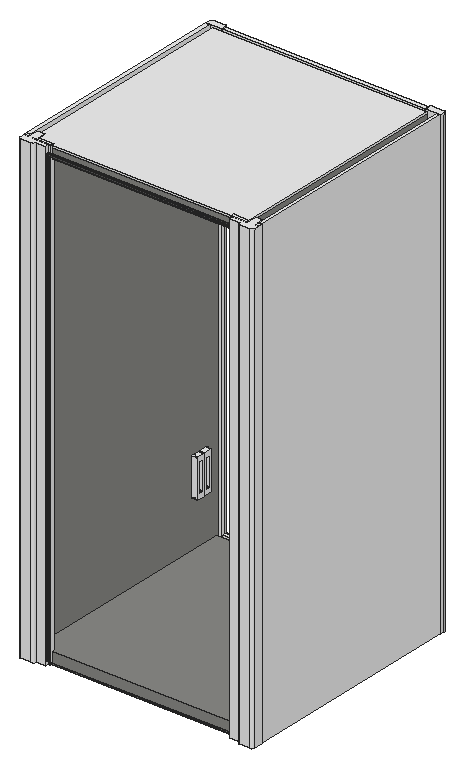
Revit family "Dauphin-Bosse S2_Telephone Booth", category Casework, Revit 2019
Family settings
  Work Plane-Based = No
  Always vertical = Yes
  Cut with Voids When Loaded = No
  Shared = No
  Room Calculation Point = No
Parameters (values of type "BP2T_P47X49X94 - Telephone Cube no Shelf")
  Width = 1210 mm  # constant formula
  URL = "www.dauphin.co.za"
  Type Comments = "Bosse S2 Telepophone Booth PURE"  # constant formula
  Shelf Right = no
  Shelf Main Material = Bosse_Shelf Main Material
  Shelf Left = no
  Shelf Break Material = Bosse_Shelf Break Material
  Panel_Side_Depth = 1169 mm  # constant formula
  Panel Top_Bottom Interior Finish = Bosse_Fabric Divina Asphalt Grey
  Panel Left Interior Finish = Bosse_Fabric Divina Asphalt Grey
  Panel Right Interior Material = Bosse_Fabric Divina Asphalt Grey
  Panel Glass Material = Bosse_Panel Glass Material
  Panel Exterior Material = Bosse_Panel Exterior Material
  Model = "BP2T_P47X49X94"  # constant formula
  Manufacturer = "Dauphin North America"  # constant formula
  Height = 2400 mm  # constant formula
  Door Metal Material = Bosse_Door Metal Material
  Door Handle Material = Bosse_Door Handle Material
  Description = "Bosse Telephone Booth"  # constant formula
  Depth = 1248 mm  # constant formula
Types (3, lengths in mm): name | Shelf Right | Shelf Left
  BP2T_P47X49X94 - Telephone Cube no Shelf | no | no
  BP2T_P47X49X94 - Telephone Cube Shelf Left | no | yes
  BP2T_P47X49X94 - Telephone Cube Shelf Right | yes | no
Reference planes
  plane 1 "Center (Front/Back)": y = 0
  plane 2: z = 0
  plane 3 "Center (Left/Right)": x = 0
  plane 4: y = 624
  plane 5: x = -605
  plane 6: y = -624
  plane 7: x = 605
  plane 8: z = 2400
Dimensions and locks
  equal spacing: plane 4, plane 1 "Center (Front/Back)", plane 6
  equal spacing: plane 5, plane 3 "Center (Left/Right)", plane 7
  "Width": plane 5 to plane 7
  "Depth": plane 4 to plane 6
  "Height": plane 8 to plane 2
  aligned and locked: level to plane 2
Nested families
  nested 1: "Bosse_Solid Panel" at (605, 0, 0), Ext_Height <- "Height", Èxt_Length <- "Panel_Side_Depth", Extenral Panel Material <- "Panel Exterior Material", Internal Panel Material <- "Panel Right Interior Material", type "Bosse_Solid Panel"
    with Èxt_Length 1169 mm, Internal Panel Material Bosse_Fabric Divina Asphalt Grey, Int_Length 1115 mm, Int_Height 2364 mm, Extenral Panel Material Bosse_Panel Exterior Material, Ext_Height 2400 mm, Dist_Rect Profile 586.5 mm, Dist_Door Profile 1119 mm
  nested 2: "Bosse_Solid Panel" at (-605, 0, 0) x (-1, 0, 0) z (0, 0, 1), Ext_Height <- "Height", Èxt_Length <- "Panel_Side_Depth", Extenral Panel Material <- "Panel Exterior Material", Internal Panel Material <- "Panel Left Interior Finish", type "Bosse_Solid Panel"
    with Èxt_Length 1169 mm, Internal Panel Material Bosse_Fabric Divina Asphalt Grey, Int_Length 1115 mm, Int_Height 2364 mm, Extenral Panel Material Bosse_Panel Exterior Material, Ext_Height 2400 mm, Dist_Rect Profile 586.5 mm, Dist_Door Profile 1119 mm
  nested 3: "Bosse_Glass Panel" at (0, 569, 0), Frame Material <- "Panel Exterior Material", Glass Material <- "Panel Glass Material", type "Bosse_Glass Panel"
    with Glass_Width 1090 mm, Glass Material Bosse_Panel Glass Material, Frame_Width 1050 mm, Frame Material Bosse_Panel Exterior Material
  nested 4: "Bosse_Glass Door Panel" at (0, -591.1, 0), Door Handle Material <- "Door Handle Material", Glass Material <- "Panel Glass Material", Metal Material <- "Door Metal Material", type "Bosse_Glass Door Panel"
    with Metal Material Bosse_Door Metal Material, Glass Material Bosse_Panel Glass Material, Door Handle Material Bosse_Door Handle Material
  nested 5: "Bosse_T Cube Floor & Ceiling" at (0, 0, 0), Interior Material <- "Panel Top_Bottom Interior Finish", Panel Material <- "Panel Exterior Material", type "Bosse_T Cube Floor & Ceiling"
    with Panel Material Bosse_Panel Exterior Material, Interior Material Bosse_Fabric Divina Asphalt Grey
  nested 6: "Bosse_T Cube Shelf" at (-543.501, 0, 1064), Shelf Break Material <- "Shelf Break Material", Shelf Material <- "Shelf Main Material", visible <- "Shelf Left", type "Bosse_T Cube Shelf"
    with Shelf Material Bosse_Shelf Main Material, Shelf Break Material Bosse_Shelf Break Material
  nested 7: "Bosse_T Cube Shelf" at (543.501, 0, 1064) x (-1, 0, 0) z (0, 0, 1), Shelf Break Material <- "Shelf Break Material", Shelf Material <- "Shelf Main Material", visible <- "Shelf Right", type "Bosse_T Cube Shelf"
    with Shelf Material Bosse_Shelf Main Material, Shelf Break Material Bosse_Shelf Break Material
Definition of nested family "Bosse_Solid Panel"
  Parameters (values of type "Bosse_Solid Panel")
    Èxt_Length [instance] = 1169 mm
    Internal Panel Material [instance] = none
    Int_Length [instance] = Èxt_Length - 54 mm  # 1115 mm
    Int_Height [instance] = Ext_Height - 36 mm  # 2364 mm
    Extenral Panel Material [instance] = none
    Ext_Height [instance] = 2400 mm
    Dist_Rect Profile [instance] = (Èxt_Length / 2) + 2 mm  # 586.5 mm
    Dist_Door Profile [instance] = Int_Length + 4 mm  # 1119 mm
  Reference planes
    plane 1 "Center (Front/Back)": y = 0
    plane 2: z = 0
    plane 3 "Center (Left/Right)": x = 0
    plane 4: y = 584.5
    plane 5: y = -584.5
    plane 6: y = -530.5
  Forms (mm)
    Extrusion 1, solid, material <- "Extenral Panel Material"
      sketch origin (0, 0, 0) x (1, 0, 0) y (0, 1, 0)
        loop
          line (0, 584.5) -> (-19, 584.5) -> (-19, -584.5) -> (0, -584.5) -> (0, 584.5)
      from 0 to 2400 <- "Ext_Height"
    Extrusion 2, solid, material <- "Internal Panel Material"
      sketch origin (0, 0, 0) x (1, 0, 0) y (0, 1, 0)
        loop
          line (-42.494, 584.5) -> (-61.499, 584.5) -> (-61.499, -530.5) -> (-42.494, -530.5) -> (-42.494, 584.5)
      from 0 to 2364 <- "Int_Height"
  Dimensions and locks
    equal spacing: plane 5, plane 1 "Center (Front/Back)", plane 4
    "Èxt_Length": plane 5 to plane 4
    "Int_Length": plane 6 to plane 4
    aligned and locked: level to plane 2
  Automatic sketch dimensions
    plane 4 to Extrusion 1 sketch curve = 0 mm
    plane 5 to Extrusion 1 sketch curve = 0 mm
    Extrusion 1 sketch curve to plane 3 "Center (Left/Right)" = 0 mm
    Extrusion 1 sketch curve to plane 3 "Center (Left/Right)" = 19 mm
    plane 4 to Extrusion 2 sketch curve = 0 mm
    Extrusion 2 sketch curve to plane 6 = 0 mm
    Extrusion 2 sketch curve to plane 3 "Center (Left/Right)" = 61.499 mm
    Extrusion 2 sketch curve to Extrusion 2 sketch curve = 19.005 mm
  Nested families
    nested 1: "Bosse_Side Profiles" at (0, 0, 0), Dist_Door Profile <- "Dist_Door Profile", Dist_Rect Profile <- "Dist_Rect Profile", Height <- "Ext_Height", Frame Materials <- "Extenral Panel Material", type "Bosse_Side Profiles"
      with Height 2400 mm, Frame Materials none, Dist_Rect Profile 586.5 mm, Dist_Door Profile 1119 mm
  Definition of nested family "Bosse_Side Profiles"
    Parameters (values of type "Bosse_Side Profiles")
      Height [instance] = 2400 mm
      Frame Materials [instance] = none
      Dist_Rect Profile [instance] = 587 mm
      Dist_Door Profile [instance] = 1143.2 mm
    Reference planes
      plane 1 "Center (Front/Back)": y = 0
      plane 2: z = 0
      plane 3 "Center (Left/Right)": x = 0
      plane 4: z = 2400
      plane 5: y = 587
      plane 6: y = -556.2
      plane 7: z = 2400
    Forms (mm)
      Sweep 1, solid, material <- "Frame Materials"
        path origin (858.657, 587, 1200) x (1, 0, 0) y (0, 0, 1)
          loop
            line (-858.657, -1200) -> (-858.657, 1200)
        profile "Bosse_Profile_Rectangle : Bosse_Profile_Rectangle" origin (0, 587, 1200) x (-1, 0, 0) y (0, -1, 0)
          loop
            line (80, 0) -> (0, 0) -> (0, -22.5)
            arc (0, -22.5) -> (4.247, -32.753) -> (14.5, -37) r 14.5
            line (14.5, -37) -> (65.5, -37)
            arc (65.5, -37) -> (75.753, -32.753) -> (80, -22.5) r 14.5
            line (80, -22.5) -> (80, 0)
      Sweep 2, solid, material <- "Frame Materials"
        path origin (0, 0, 0) x (0, 1, 0) y (0, 0, 1)
          loop
            line (-556.2, 2400) -> (-556.2, 0)
        profile "Bosse_Profile_Door : Bosse_Profile_Door" origin (0, -556.2, 1200) x (0, 1, 0) y (1, 0, 0)
          loop
            line (0, -61.499) -> (0, -20) -> (-36.973, -20) -> (-36.973, 0) -> (-77.4, 0)
            arc (-77.4, 0) -> (-87.653, -4.247) -> (-91.9, -14.5) r 14.5
            line (-91.9, -14.5) -> (-91.9, -65.512)
            arc (-91.9, -65.512) -> (-87.653, -75.765) -> (-77.4, -80.012) r 14.5
            line (-77.4, -80.012) -> (-77.4, -127.931) -> (-59, -127.931) -> (-59, -141.492) -> (-39.998, -141.492) -> (-39.998, -61.499) -> (0, -61.499)
    Dimensions and locks
      "Height": plane 4 to plane 2
      "Dist_Door Profile": plane 6 to plane 5
      "Dist_Rect Profile": plane 1 "Center (Front/Back)" to plane 5
      "Height": plane 7 to plane 2
      aligned and locked: level to plane 2
      aligned and locked: plane 4 to Sweep 1 sketch curve
      aligned and locked: plane 2 to Sweep 2 sketch curve
      aligned and locked: plane 7 to Sweep 2 sketch curve
    Automatic sketch dimensions
      Sweep 2 sketch curve to plane 6 = 0 mm
      Sweep 1 sketch curve to plane 3 "Center (Left/Right)" = 0 mm
      Sweep 1 sketch curve to level = 0 mm
Definition of nested family "Bosse_Glass Panel"
  Parameters (values of type "Bosse_Glass Panel")
    Glass_Width [instance] = Frame_Width + 40 mm  # 1090 mm
    Glass Material [instance] = none
    Frame_Width [instance] = 1050 mm
    Frame Material [instance] = none
  Reference planes
    plane 1 "Center (Front/Back)": y = 0
    plane 2: z = 0
    plane 3 "Center (Left/Right)": x = 0
    plane 4: x = -525
    plane 5: x = 525
    plane 6: x = -545
    plane 7: x = 545
    plane 8: z = 2358
    plane 9: z = 42
  Forms (mm)
    Extrusion 1, solid, material <- "Frame Material"
      sketch origin (0, 0, 0) x (0, 1, 0) y (0, 0, 1)
        loop
          line (18, 2400) -> (18, 2338) -> (33.987, 2338)
          arc (33.987, 2338) -> (38.23, 2339.757) -> (39.987, 2344) r 6
          line (39.987, 2344) -> (39.987, 2400) -> (18, 2400)
        loop
          line (18, 0) -> (39.987, 0) -> (39.987, 56)
          arc (39.987, 56) -> (38.23, 60.243) -> (33.987, 62) r 6
          line (33.987, 62) -> (18, 62) -> (18, 0)
      from -525 to 525
    Extrusion 2, solid, material <- "Glass Material"
      sketch origin (0, 0, 0) x (1, 0, 0) y (0, 1, 0)
        loop
          line (-545, 16.5) -> (-545, 4.5) -> (545, 4.5) -> (545, 16.5) -> (-545, 16.5)
      from 42 to 2358
  Dimensions and locks
    equal spacing: plane 4, plane 3 "Center (Left/Right)", plane 5
    "Frame_Width": plane 4 to plane 5
    equal spacing: plane 6, plane 3 "Center (Left/Right)", plane 7
    "Glass_Width": plane 6 to plane 7
    locked: Extrusion 1 to plane 8 at 42
    locked: plane 9 to plane 2 at 42
    aligned and locked: level to plane 2
    aligned and locked: Extrusion 1 to plane 5
    aligned and locked: Extrusion 1 to plane 4
    aligned and locked: plane 8 to Extrusion 2
    aligned and locked: plane 9 to Extrusion 2
  Automatic sketch dimensions
    Extrusion 1 sketch curve to level = 0 mm
    Extrusion 1 sketch curve to plane 1 "Center (Front/Back)" = 18 mm  (x2)
    Extrusion 1 sketch curve to Extrusion 1 sketch curve = 15.988 mm  (x2)
    Extrusion 1 sketch curve to Extrusion 1 sketch curve = 6 mm  (x2)
    level to Extrusion 1 sketch curve = 56 mm
    Extrusion 1 sketch curve to Extrusion 1 sketch curve = 2276 mm
    Extrusion 1 sketch curve to Extrusion 1 sketch curve = 56 mm
    Extrusion 2 sketch curve to plane 6 = 0 mm
    Extrusion 2 sketch curve to plane 7 = 0 mm
    Extrusion 2 sketch curve to plane 1 "Center (Front/Back)" = 4.5 mm
    Extrusion 2 sketch curve to Extrusion 2 sketch curve = 12 mm
Definition of nested family "Bosse_Glass Door Panel"
  Parameters
    Metal Material [instance] = none
    Glass Material [instance] = none
    Door Handle Material [instance] = none
  Reference planes
    plane 1 "Center (Front/Back)": y = 0
    plane 2: z = 0
    plane 3 "Center (Left/Right)": x = 0
  Forms (mm)
    Extrusion 1, solid, material <- "Glass Material"
      sketch origin (0, -6.538, 0) x (1, 0, 0) y (0, 1, 0)
        loop
          line (-472.679, -8.723) -> (473.817, -8.723) -> (473.817, 0) -> (-472.679, 0) -> (-472.679, -8.723)
      from 15 to 2365
    Extrusion 2, solid, material <- "Metal Material"
      sketch origin (0, 0, 0) x (1, 0, 0) y (0, 0, 1)
        loop
          line (-477.069, 2365) -> (-477.069, 0) -> (-464.069, 0) -> (-464.069, 2352) -> (464.069, 2352) -> (464.069, 0) -> (477.069, 0) -> (477.069, 2365) -> (-477.069, 2365)
      from 0 to 5
  Lines and regions (mm)
    symbolic lines
      curve 1: line (-472.679, 0, 15) -> (473.817, 0, 1190)
      curve 2: line (473.817, 0, 1190) -> (-472.679, 0, 2365)
      curve 3: arc (473.817, -15.262, 0) -> (196.595, -684.536, 0) -> (-472.679, -961.758, 0) r 946.496
      curve 4: line (-472.679, -15.262, 0) -> (-472.679, -961.758, 0)
  Dimensions and locks
    aligned and locked: level to plane 2
  Nested families
    nested 1: "Bosse_Door Handles" at (323.24, -15.262, 1165), Bosse_Door Handle <- "Door Handle Material", type "Bosse_Door Handles"
      with Bosse_Door Handle none
    nested 2: "Bosse_Door Handles" at (323.24, -6.538, 1165), Bosse_Door Handle <- "Door Handle Material", type "Bosse_Door Handles"
      with Bosse_Door Handle none
  Definition of nested family "Bosse_Door Handles"
    Parameters
      Bosse_Door Handle [instance] = none
    Reference planes
      plane 1 "Center (Front/Back)": y = 0
      plane 2: z = 0
      plane 3 "Center (Left/Right)": x = 0
    Forms (mm)
      Extrusion 1, solid, material <- "Bosse_Door Handle"
        sketch origin (0, 0, 0) x (0, 1, 0) y (0, 0, 1)
          loop
            line (0, 100) -> (-40, 100) -> (-40, -100) -> (0, -100) -> (0, 100)
          loop
            line (-32, 71) -> (-32, -71)
            arc (-32, -71) -> (-31.122, -73.121) -> (-29, -74) r 3
            line (-29, -74) -> (-6.5, -74)
            arc (-6.5, -74) -> (-4.379, -73.121) -> (-3.5, -71) r 3
            line (-3.5, -71) -> (-3.5, 71)
            arc (-3.5, 71) -> (-4.379, 73.121) -> (-6.5, 74) r 3
            line (-6.5, 74) -> (-29, 74)
            arc (-29, 74) -> (-31.122, 73.121) -> (-32, 71) r 3
        from -13 to 13
      Extrusion 2, void
        sketch origin (0, 0, 0) x (0, 1, 0) y (0, 0, 1)
          loop
            line (-37, 100) -> (-37, 102) -> (-42.544, 102) -> (-42.544, 97) -> (-40, 97)
            arc (-40, 97) -> (-39.121, 99.121) -> (-37, 100) r 3
          loop
            arc (-37, -100) -> (-39.121, -99.121) -> (-40, -97) r 3
            line (-40, -97) -> (-42.544, -97) -> (-42.544, -102) -> (-37, -102) -> (-37, -100)
        from -24.587 to 25.605
    Cuts and joins
      Extrusion 2 cuts Extrusion 1
    Dimensions and locks
      aligned and locked: level to plane 2
Definition of nested family "Bosse_T Cube Floor & Ceiling"
  Parameters (values of type "Bosse_T Cube Floor & Ceiling")
    Panel Material [instance] = none
    Interior Material [instance] = none
  Reference planes
    plane 1 "Center (Front/Back)": y = 0
    plane 2: z = 0
    plane 3 "Center (Left/Right)": x = 0
    plane 4: x = -561.047
    plane 5: y = 571.958
    plane 6: y = -587.958
    plane 7: x = 544.953
    plane 8: z = 2390
    plane 9: x = -256
    plane 10: x = 255.75
    plane 11: y = -180
    plane 12: y = 180
  Forms (mm)
    Extrusion 1, solid, material <- "Interior Material"
      sketch origin (0.5, 0, 0) x (1, 0, 0) y (0, 1, 0)
        loop
          line (-561.047, 571.958) -> (-561.047, -587.958) -> (544.953, -587.958) -> (544.953, 571.958) -> (-561.047, 571.958)
      from 0 to 61
    Extrusion 2, solid, material <- "Interior Material"
      sketch origin (0, 0, 0) x (0, 1, 0) y (0, 0, 1)
        loop
          line (571.958, 2390) -> (-587.958, 2390) -> (-587.958, 2339) -> (-333.671, 2339) -> (-333.671, 2321.499) -> (-403.671, 2321.499)
          arc (-403.671, 2321.499) -> (-404.966, 2320.52) -> (-404.603, 2318.938) r 1.494
          line (-404.603, 2318.938) -> (-320.664, 2234.999) -> (319.336, 2234.999) -> (403.275, 2318.938)
          arc (403.275, 2318.938) -> (403.6, 2320.573) -> (402.214, 2321.499) r 1.5
          line (402.214, 2321.499) -> (332.214, 2321.499) -> (332.214, 2339) -> (571.958, 2339) -> (571.958, 2390)
      from -561.047 to 544.953
    Extrusion 3, void
      sketch origin (0, 0, 0) x (1, 0, 0) y (0, 0, 1)
        loop
          line (-561.047, 2219.563) -> (-512, 2219.563) -> (-512, 2339) -> (-561.047, 2339) -> (-561.047, 2219.563)
        loop
          line (544.953, 2219.563) -> (544.953, 2339) -> (511.5, 2339) -> (511.5, 2219.563) -> (544.953, 2219.563)
      from -571.958 to 587.958
    Extrusion 4, solid, material <- "Panel Material"
      sketch origin (0, 0, 0) x (0, 1, 0) y (0, 0, 1)
        loop
          line (571.958, 2400) -> (-587.958, 2400) -> (-587.958, 2390) -> (571.958, 2390) -> (571.958, 2400)
      from -561.047 to 544.953
    Extrusion 5, void
      sketch origin (0, 0, 0) x (1, 0, 0) y (0, 1, 0)
        loop
          circle (-256, 180) r 10
        loop
          circle (255.75, 180) r 10
        loop
          circle (-256, -180) r 10
        loop
          circle (255.75, -180) r 10
      from 61 to 2291.218
  Cuts and joins
    Extrusion 3, Extrusion 5 cuts Extrusion 2
  Dimensions and locks
    aligned and locked: level to plane 2
    aligned and locked: Extrusion 2 to plane 4
    aligned and locked: Extrusion 4 to plane 7
    aligned and locked: Extrusion 4 to plane 4
Definition of nested family "Bosse_T Cube Shelf"
  Parameters (values of type "Bosse_T Cube Shelf")
    Shelf Material [instance] = none
    Shelf Break Material [instance] = none
  Reference planes
    plane 1 "Center (Front/Back)": y = 0
    plane 2: z = 0
    plane 3 "Center (Left/Right)": x = 0
  Forms (mm)
    Extrusion 1, solid, material <- "Shelf Material"
      sketch origin (0, 0, 0) x (1, 0, 0) y (0, 1, 0)
        loop
          line (0, 399.984) -> (0, -399.984) -> (276, -399.984)
          arc (276, -399.984) -> (292.971, -392.954) -> (300, -375.984) r 24
          line (300, -375.984) -> (300, 375.984)
          arc (300, 375.984) -> (292.971, 392.954) -> (276, 399.984) r 24
          line (276, 399.984) -> (0, 399.984)
      from 0 to 19
    Extrusion 2, solid, material <- "Shelf Material"
      sketch origin (0, 0, 26.958) x (1, 0, 0) y (0, 1, 0)
        loop
          line (0, 399.984) -> (0, -399.984) -> (276, -399.984)
          arc (276, -399.984) -> (292.971, -392.954) -> (300, -375.984) r 24
          line (300, -375.984) -> (300, 375.984)
          arc (300, 375.984) -> (292.971, 392.954) -> (276, 399.984) r 24
          line (276, 399.984) -> (0, 399.984)
      from 0.042 to 19.042
    Extrusion 3, solid, material <- "Shelf Break Material"
      sketch origin (0, 0, 0) x (1, 0, 0) y (0, 1, 0)
        loop
          line (0, 395) -> (0, -395) -> (276, -395)
          arc (276, -395) -> (289.435, -389.435) -> (295, -376) r 19
          line (295, -376) -> (295, 376)
          arc (295, 376) -> (289.435, 389.435) -> (276, 395) r 19
          line (276, 395) -> (0, 395)
      from 19 to 27
    Sweep 4, void
      path in 3D
        loop
          line (0, -399.984, 46) -> (276, -399.984, 46)
          arc (276, -399.984, 46) -> (292.971, -392.954, 46) -> (300, -375.984, 46) r 24
          line (300, -375.984, 46) -> (300, 375.984, 46)
          arc (300, 375.984, 46) -> (292.971, 392.954, 46) -> (276, 399.984, 46) r 24
          line (276, 399.984, 46) -> (0, 399.984, 46)
      profile origin (138, 399.984, 46) x (0, -1, 0) y (0, 0, 1)
        loop
          line (2.997, 0) -> (2.997, 3) -> (-7.003, 3) -> (-7.003, -48) -> (2.997, -48) -> (2.997, -46)
          arc (2.997, -46) -> (0.878, -45.122) -> (0, -43.003) r 2.997
          line (0, -43.003) -> (0, -29.997)
          arc (0, -29.997) -> (0.878, -27.878) -> (2.997, -27) r 2.997
          line (2.997, -27) -> (2.997, -19)
          arc (2.997, -19) -> (0.878, -18.122) -> (0, -16.003) r 2.997
          line (0, -16.003) -> (0, -2.997)
          arc (0, -2.997) -> (0.878, -0.878) -> (2.997, 0) r 2.997
  Cuts and joins
    Sweep 4 cuts Extrusion 2
  Lines and regions (mm)
    sketch lines
      curve 1: line (276, 399.984, 46) -> (0, 399.984, 46)
      curve 2: arc (276, 399.984, 46) -> (292.971, 392.954, 46) -> (300, 375.984, 46) r 24
      curve 3: line (300, -375.984, 46) -> (300, 375.984, 46)
      curve 4: arc (300, -375.984, 46) -> (292.971, -392.954, 46) -> (276, -399.984, 46) r 24
      curve 5: line (0, -399.984, 46) -> (276, -399.984, 46)
    model lines
      curve 6: circle (54.143, 249.983, 46) r 30 normal (0, 0, 1)
      curve 7: line (24.143, 279.983, 46) -> (84.143, 279.983, 46)
      curve 8: line (24.143, 219.985, 46) -> (24.143, 279.983, 46)
      curve 9: line (84.143, 219.985, 46) -> (24.143, 219.985, 46)
      curve 10: line (84.143, 279.983, 46) -> (84.143, 219.985, 46)
  Dimensions and locks
    aligned and locked: level to plane 2
